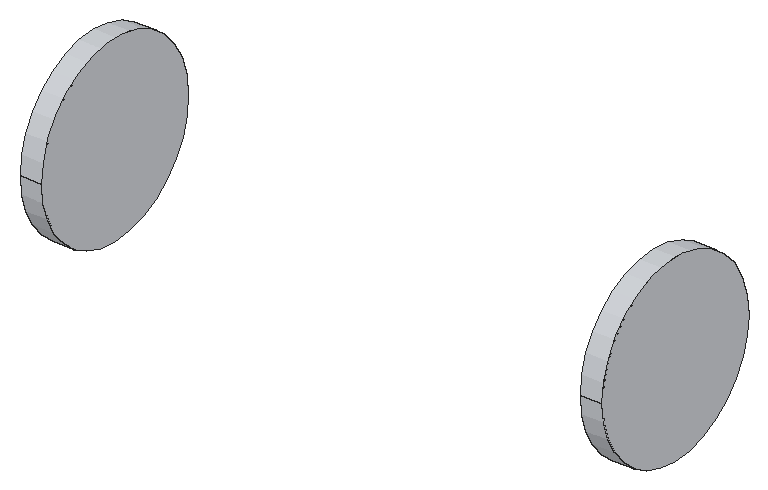
Revit family "SENT500T", category Mechanical Equipment, Revit 2013
Parameters
  Width (including controller) = "1661mm"
  Width (excluding controller) = "1564mm"
  Weight = "175Kg"
  Warranty period = "Unit 2 Years, Motor 5 Years"
  Spigot Diameter = "500mm"
  Options = "Weatherproofed and Constant Pressure options"
  Operational and Maintenance Manual = "http://www.vent-axia.com/files/pdf-downloads/432984_0.pdf"
  Operating Temperature = "(-10C to +40C)"
  Length (including Spigots) = "1590mm"
  Length (excluding Spigots) = "1492mm"
  IP Rating  Internal = "IPX2"
  IP Rating  External (WP) = "IPX5"
  Height = "675mm"
  Motor Rating = "1000 Watts (max)"
  AC Voltage Input = "400 V AC (single phase)"
  Product Description = "Sentinel D-Box Twin Fan"
  Part Number = "SENT500T"
  Manufacturer - Website = "www.vent-axia.com"
  Manufacturer - Name = "Vent-Axia Ltd"
  Manufacturer - Email = "sales@vent-axia.com"
  Manufacturer - Contact Phone = "0844 856 0590"
  Manufacturer - Address = "Fleming Way, Crawley, West Sussex RH10 9YX"
  Country of Manufacture = "UK"
  Category = "Sentinel D-Box Twin Fan"
  AC Frequency Input = "50Hz nominal"
Reference planes
  plane 1 "Center (Front/Back)": y = 0
  plane 2: z = 0
  plane 3 "Center (Left/Right)": x = 0
  plane 4: y = -782
  plane 5: y = 782
  plane 6: x = -795
  plane 7: x = 795
Forms (mm)
  Extrusion 1, solid
    sketch origin (-795, 0, 0) x (0, 1, 0) y (0, 0, 1)
      loop
        circle (0, 366.839) r 250
    from -5.458 to 53.578
  Extrusion 2, solid
    sketch origin (795, 0, 0) x (0, 1, 0) y (0, 0, -1)
      loop
        circle (0, -366.839) r 250
    from 4.5 to 63.535
Connectors
  hvac at (790.5, 0, 366.839)
    settings: on Extrusion 2, index 1, duct flow 0.0 L/s, flow factor 0, pres drop 0.0 Pa, loss coef 0, conn angle 0.00°, conn width 304.8 mm, conn height 304.8 mm, conn radius 250 mm, duct sys type 2, conn prof type 0, flow config 0, flow direction 1, loss method 0, conn ref index -1, conn util no, is conn primary yes, conn desc ""
  hvac at (-800.458, 0, 366.839)
    settings: on Extrusion 1, index 2, duct flow 0.0 L/s, flow factor 0, pres drop 0.0 Pa, loss coef 0, conn angle 0.00°, conn width 304.8 mm, conn height 304.8 mm, conn radius 250 mm, duct sys type 3, conn prof type 0, flow config 0, flow direction 2, loss method 0, conn ref index -1, conn util no, is conn primary no, conn desc ""
